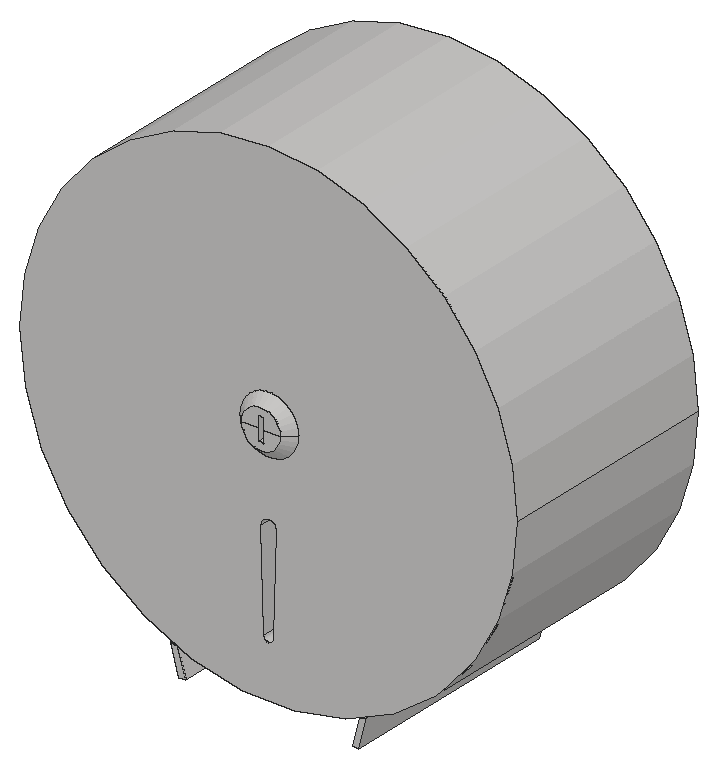
Revit family "Диспенсер для туалетной бумаги, большой рулон, нержавеющая сталь, Ksitex", category Оборудование, Revit 2017
Family settings
  Размер круглого соединителя = Использовать диаметр
  Тип детали = Нормальный
  На основе рабочей плоскости = Нет
  Всегда вертикально = Да
  При загрузке вырезать с полостями = Нет
  Общий = Нет
  Точка расчета площади = Нет
Parameters (values of type "Тип")
  Общ_Ширина = 255.0 mm
  Общ_Тип, марка = ""
  Общ_Примечание = ""
  Общ_Поставщик = "Ksitex"
  Общ_Позиция = ""
  Общ_Наименование = "Диспенсер для туплетной бумаги, наржавеющая сталь"
  Общ_Масса = ""
  Общ_Код продукции = ""
  Общ_Единицы измерения = "шт."
  Общ_Глубина = 120.0 mm
  Общ_Высота = 260.0 mm
  Keynote = ""
  Изготовитель = "Severin"
  Model = ""
Reference planes
  plane 1 "По центру (Вперед/Назад)": y = 0
  plane 2: z = 0
  plane 3 "По центру (Влево/Вправо)": x = 0
  plane 4: z = 132.5
Forms (mm)
  Extrusion 1, solid, material "Сталь, нержавеющая, шлифованная", detail levels fine
    sketch origin (0, 0, 0) x (1, 0, 0) y (0, 0, 1)
      loop
        circle (0, 132.5) r 127.5
    from 0 to 115
  Extrusion 2, solid, material "Сталь, нержавеющая, шлифованная", detail levels fine
    sketch origin (0, 0, 0) x (1, 0, 0) y (0, 0, 1)
      loop
        line (46.63, 13.833) -> (42.924, 0) -> (46.029, 0) -> (50.119, 15.264) -> (46.63, 13.833)
      loop
        line (-46.63, 13.833) -> (-50.119, 15.264) -> (-46.029, 0) -> (-42.924, 0) -> (-46.63, 13.833)
    from 0 to 115
  Extrusion 3, void
    sketch origin (0, 0, 0) x (-1, 0, 0) y (0, 0, 1)
      loop
        line (-4, 85) -> (-2.5, 34.908)
        arc (-2.5, 34.908) -> (0, 32.408) -> (2.5, 34.908) r 2.5
        line (2.5, 34.908) -> (4, 85)
        arc (4, 85) -> (0, 89) -> (-4, 85) r 4
    from -10 to -115
  Revolve 4, solid, material "Сталь, нержавеющая, шлифованная", detail levels fine
    sketch origin (214.175, -1524, 132.5) x (0, -1, 0) y (1, 0, 0)
      loop
        line (-1409, -214.175) -> (-1404, -214.175) -> (-1404, -204.175) -> (-1409, -199.175) -> (-1409, -214.175)
      axis (-1409, -214.175) -> (-1404, -214.175)
    angle from 0 to 360
  Extrusion 5, void
    sketch origin (0, -120, 132.5) x (0, 0, 1) y (1, 0, 0)
      loop
        line (6, -1.5) -> (6, 1.5) -> (-6, 1.5) -> (-6, -1.5) -> (6, -1.5)
    from 0 to 30
Cuts and joins
  Extrusion 3, Extrusion 5 cuts Extrusion 1
  Extrusion 5 cuts Revolve 4
Lines and regions (mm)
  symbolic lines, detail levels coarse+medium
    curve 1: line (-127.5, 0, 132.5) -> (127.5, 0, 132.5)
    curve 2: line (-127.5, -115, 132.5) -> (-127.5, 0, 132.5)
    curve 3: line (127.5, -115, 132.5) -> (-127.5, -115, 132.5)
    curve 4: line (127.5, 0, 132.5) -> (127.5, -115, 132.5)
    curve 5: line (-10, -120, 132.5) -> (10, -120, 132.5)
    curve 6: line (10, -120, 132.5) -> (15, -115, 132.5)
    curve 7: line (-10, -120, 132.5) -> (-15, -115, 132.5)
Dimensions and locks
  aligned and locked: level to plane 2
